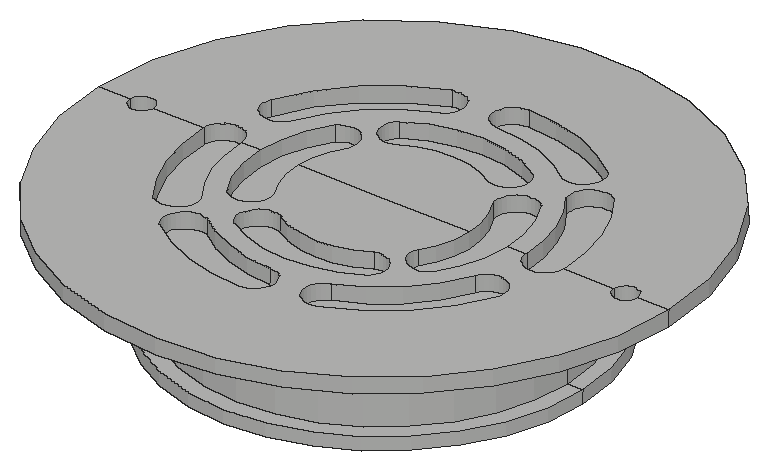
Revit family "WHDG-5RD", category Plumbing Fixtures, Revit 2018
Family settings
  Round Connector Dimension = Use Diameter
  Part Type = Normal
  OmniClass Number = 23.70.50.21.24
  OmniClass Title = Waste Water Drains
  Work Plane-Based = Yes
  Always vertical = No
  Cut with Voids When Loaded = No
  Shared = Yes
  Room Calculation Point = No
Parameters (values of type "WHDG-5RD")
  Waste Connection = no
  Vent Connection = no
  URL = "https://www.whitehallmfg.com/home"
  Type Comments = "For use in JR SMITH Floor Drains"  # constant formula
  Product Page URL = "https://www.whitehallmfg.com/product.aspx?ProductId=1008"
  Product Documentation Link = "https://www.whitehallmfg.com/uploads/fileLibrary/WHDG.pdf"
  Model = "WHDG-5RD"  # constant formula
  Manufacturer = "Whitehall Mfg."  # constant formula
  Installation Type = "Floor"
  HW Connection = no
  Drain Material = Metal-Whitehall-Ligature Resistant Nickel Bronze
  Diameter = 5"
  Description = "Ligature Resistant Floor Drain Grate"  # constant formula
  Default Elevation = 0"
  Creation Date = "21/12/20"  # constant formula
  CW Connection = no
  Assembly Code = "D2030"
Reference planes (in)
  plane 1 "Center (Front/Back)": y = 0
  plane 2: z = 0
  plane 3 "Center (Left/Right)": x = 0
  plane 4: z = 5.90551
  plane 5: x = -2.5
  plane 6: x = 2.5
  plane 7: z = -1
Forms (in)
  Revolve 1, solid, material "Metal-Whitehall-Ligature Resistant Nickel Bronze" <- "Drain Material"
    sketch origin (0, 0, 0) x (1, 0, 0) y (0, 0, 1)
      loop
        line (-2.5, 0) -> (-2.5, -0.13055) -> (-1.8607, -0.13055)
        arc (-1.8607, -0.13055) -> (-1.68393, -0.20377) -> (-1.6107, -0.38055) r 0.25
        line (-1.6107, -0.38055) -> (-1.6107, -0.88918) -> (-1.75, -0.88918) -> (-1.75, -1) -> (0, -1) -> (0, 0) -> (-2.5, 0)
      axis (0, 0) -> (0, -1)
    angle from 0 to 360
  Extrusion 2, void
    sketch origin (0, 0, 0) x (1, 0, 0) y (0, 1, 0)
      loop
        arc (0.41245, 0.62709) -> (0.61397, 0.69398) -> (0.5957, 0.90553) r 0.17135
        arc (0.5957, 0.90553) -> (0.00012, 1.08393) -> (-0.59546, 0.90553) r 1.08333
        arc (-0.59546, 0.90553) -> (-0.61373, 0.69398) -> (-0.41221, 0.62709) r 0.17135
        arc (-0.41221, 0.62709) -> (0.00012, 0.7506) -> (0.41245, 0.62709) r 0.75
      loop
        arc (0.62661, -0.41173) -> (0.6935, -0.61325) -> (0.90505, -0.59498) r 0.17135
        arc (0.90505, -0.59498) -> (1.08345, 0.0006) -> (0.90505, 0.59618) r 1.08333
        arc (0.90505, 0.59618) -> (0.6935, 0.61445) -> (0.62661, 0.41293) r 0.17135
        arc (0.62661, 0.41293) -> (0.75012, 0.0006) -> (0.62661, -0.41173) r 0.75
      loop
        arc (-0.62637, -0.41173) -> (-0.74988, 0.0006) -> (-0.62637, 0.41293) r 0.75
        arc (-0.62637, 0.41293) -> (-0.69326, 0.61445) -> (-0.90481, 0.59618) r 0.17135
        arc (-0.90481, 0.59618) -> (-1.08321, 0.0006) -> (-0.90481, -0.59498) r 1.08333
        arc (-0.90481, -0.59498) -> (-0.69326, -0.61325) -> (-0.62637, -0.41173) r 0.17135
      loop
        arc (0.41245, -0.62589) -> (0.00012, -0.7494) -> (-0.41221, -0.62589) r 0.75
        arc (-0.41221, -0.62589) -> (-0.61373, -0.69278) -> (-0.59546, -0.90433) r 0.17135
        arc (-0.59546, -0.90433) -> (0.00012, -1.08273) -> (0.5957, -0.90433) r 1.08333
        arc (0.5957, -0.90433) -> (0.61397, -0.69278) -> (0.41245, -0.62589) r 0.17135
      loop
        arc (0.78186, 0.97602) -> (0.97908, 1.03992) -> (0.97843, 1.24723) r 0.17587
        arc (0.97843, 1.24723) -> (0.51762, 1.49834) -> (0.00005, 1.58504) r 1.58334
        arc (0.00005, 1.58504) -> (-0.16639, 1.41847) -> (0.00014, 1.25198) r 0.16653
        arc (0.00014, 1.25198) -> (0.41454, 1.1807) -> (0.78186, 0.97602) r 1.25
      loop
        arc (-1.16052, 0.46187) -> (-0.88208, 0.88587) -> (-0.45808, 1.16431) r 1.25
        arc (-0.45808, 1.16431) -> (-0.37041, 1.37825) -> (-0.58035, 1.4751) r 0.16714
        arc (-0.58035, 1.4751) -> (-1.11596, 1.12555) -> (-1.46958, 0.59263) r 1.58333
        arc (-1.46958, 0.59263) -> (-1.3784, 0.37581) -> (-1.16052, 0.46187) r 0.16714
      loop
        arc (0.45832, -1.15697) -> (0.37226, -1.37485) -> (0.58907, -1.46603) r 0.16714
        arc (0.58907, -1.46603) -> (1.122, -1.11241) -> (1.47155, -0.5768) r 1.58333
        arc (1.47155, -0.5768) -> (1.3747, -0.36686) -> (1.16076, -0.45453) r 0.16714
        arc (1.16076, -0.45453) -> (0.88232, -0.87853) -> (0.45832, -1.15697) r 1.25
      loop
        arc (0.9691, 0.78878) -> (1.17378, 0.42146) -> (1.24506, 0.00704) r 1.25
        arc (1.24506, 0.00704) -> (1.41154, -0.15948) -> (1.57812, 0.00695) r 0.16653
        arc (1.57812, 0.00695) -> (1.49142, 0.52454) -> (1.24031, 0.98537) r 1.58333
        arc (1.24031, 0.98537) -> (1.03299, 0.98601) -> (0.9691, 0.78878) r 0.17587
      loop
        arc (-0.97223, -0.77807) -> (-1.17691, -0.41074) -> (-1.24819, 0.00367) r 1.25
        arc (-1.24819, 0.00367) -> (-1.41467, 0.1702) -> (-1.58125, 0.00376) r 0.16653
        arc (-1.58125, 0.00376) -> (-1.49455, -0.51383) -> (-1.24344, -0.97465) r 1.58333
        arc (-1.24344, -0.97465) -> (-1.03612, -0.9753) -> (-0.97223, -0.77807) r 0.17587
      loop
        arc (-0.78499, -0.96531) -> (-0.98222, -1.0292) -> (-0.98157, -1.23652) r 0.17587
        arc (-0.98157, -1.23652) -> (-0.52075, -1.48763) -> (-0.00316, -1.57432) r 1.58333
        arc (-0.00316, -1.57432) -> (0.16328, -1.40775) -> (-0.00325, -1.24127) r 0.16653
        arc (-0.00325, -1.24127) -> (-0.41766, -1.16999) -> (-0.78499, -0.96531) r 1.25
      loop
        circle (-2.12237, 0) r 0.10288
      loop
        circle (2.12237, 0) r 0.10288
    from -0.13055 to 0
Cuts and joins
  Extrusion 2 cuts Revolve 1
Lines and regions (in)
  Masking region 1
    outline origin (0, 0, 0) x (1, 0, 0) y (0, 1, 0)
      loop
        circle (0, 0) r 2.5
  symbolic lines, detail levels medium+fine
    curve 1: circle (0, 0, 0) r 1.75 normal (0, 0, -1)
  symbolic lines, detail levels fine
    curve 2: arc (-0.90481, -0.59498, 0) -> (-0.69326, -0.61325, 0) -> (-0.62637, -0.41173, 0) r 0.17135
    curve 3: arc (-0.62637, -0.41173, 0) -> (-0.74988, 0.0006, 0) -> (-0.62637, 0.41293, 0) r 0.75
    curve 4: arc (-0.62637, 0.41293, 0) -> (-0.69326, 0.61445, 0) -> (-0.90481, 0.59618, 0) r 0.17135
    curve 5: arc (-0.90481, 0.59618, 0) -> (-1.08321, 0.0006, 0) -> (-0.90481, -0.59498, 0) r 1.08333
    curve 6: arc (-0.41221, 0.62709, 0) -> (-0.61373, 0.69398, 0) -> (-0.59546, 0.90553, 0) r 0.17135
    curve 7: arc (-0.59546, 0.90553, 0) -> (0.00012, 1.08393, 0) -> (0.5957, 0.90553, 0) r 1.08333
    curve 8: arc (0.5957, 0.90553, 0) -> (0.61397, 0.69398, 0) -> (0.41245, 0.62709, 0) r 0.17135
    curve 9: arc (0.41245, 0.62709, 0) -> (0.00012, 0.7506, 0) -> (-0.41221, 0.62709, 0) r 0.75
    curve 10: arc (0.90505, 0.59618, 0) -> (0.6935, 0.61445, 0) -> (0.62661, 0.41293, 0) r 0.17135
    curve 11: arc (0.62661, 0.41293, 0) -> (0.75012, 0.0006, 0) -> (0.62661, -0.41173, 0) r 0.75
    curve 12: arc (0.62661, -0.41173, 0) -> (0.6935, -0.61325, 0) -> (0.90505, -0.59498, 0) r 0.17135
    curve 13: arc (0.90505, -0.59498, 0) -> (1.08345, 0.0006, 0) -> (0.90505, 0.59618, 0) r 1.08333
    curve 14: arc (0.5957, -0.90433, 0) -> (0.61397, -0.69278, 0) -> (0.41245, -0.62589, 0) r 0.17135
    curve 15: arc (0.41245, -0.62589, 0) -> (0.00012, -0.7494, 0) -> (-0.41221, -0.62589, 0) r 0.75
    curve 16: arc (-0.41221, -0.62589, 0) -> (-0.61373, -0.69278, 0) -> (-0.59546, -0.90433, 0) r 0.17135
    curve 17: arc (-0.59546, -0.90433, 0) -> (0.00012, -1.08273, 0) -> (0.5957, -0.90433, 0) r 1.08333
    curve 18: arc (0.58892, -1.46557, 0) -> (0.37205, -1.3754, 0) -> (0.45832, -1.15696, 0) r 0.16758
    curve 19: arc (0.45832, -1.15696, 0) -> (0.88233, -0.87851, 0) -> (1.16078, -0.45449, 0) r 1.25
    curve 20: arc (1.16078, -0.45449, 0) -> (1.37444, -0.3669, 0) -> (1.47125, -0.57654, 0) r 0.16696
    curve 21: arc (1.47125, -0.57654, 0) -> (1.12175, -1.11203, 0) -> (0.58892, -1.46557, 0) r 1.58309
    curve 22: arc (1.24506, 0.00704, 0) -> (1.41154, -0.15948, 0) -> (1.57812, 0.00695, 0) r 0.16653
    curve 23: arc (1.57812, 0.00695, 0) -> (1.49142, 0.52454, 0) -> (1.24031, 0.98537, 0) r 1.58333
    curve 24: arc (1.24031, 0.98537, 0) -> (1.03299, 0.98601, 0) -> (0.9691, 0.78878, 0) r 0.17587
    curve 25: arc (0.9691, 0.78878, 0) -> (1.17378, 0.42146, 0) -> (1.24506, 0.00704, 0) r 1.25
    curve 26: arc (0.97843, 1.24723, 0) -> (0.97908, 1.03992, 0) -> (0.78186, 0.97602, 0) r 0.17587
    curve 27: arc (0.78186, 0.97602, 0) -> (0.41454, 1.1807, 0) -> (0.00014, 1.25198, 0) r 1.25
    curve 28: arc (0.00014, 1.25198, 0) -> (-0.16639, 1.41847, 0) -> (0.00005, 1.58504, 0) r 0.16653
    curve 29: arc (0.00005, 1.58504, 0) -> (0.51762, 1.49834, 0) -> (0.97843, 1.24723, 0) r 1.58334
    curve 30: arc (-0.58009, 1.4748, 0) -> (-0.37045, 1.37799, 0) -> (-0.45805, 1.16433, 0) r 0.16696
    curve 31: arc (-0.45805, 1.16433, 0) -> (-0.88206, 0.88588, 0) -> (-1.16051, 0.46188, 0) r 1.25
    curve 32: arc (-1.16051, 0.46188, 0) -> (-1.37895, 0.3756, 0) -> (-1.46912, 0.59247, 0) r 0.16758
    curve 33: arc (-1.46912, 0.59247, 0) -> (-1.11558, 1.1253, 0) -> (-0.58009, 1.4748, 0) r 1.58309
    curve 34: arc (-1.24819, 0.00367, 0) -> (-1.41467, 0.1702, 0) -> (-1.58125, 0.00376, 0) r 0.16653
    curve 35: arc (-1.58125, 0.00376, 0) -> (-1.49455, -0.51383, 0) -> (-1.24344, -0.97465, 0) r 1.58333
    curve 36: arc (-1.24344, -0.97465, 0) -> (-1.03612, -0.9753, 0) -> (-0.97223, -0.77807, 0) r 0.17587
    curve 37: arc (-0.97223, -0.77807, 0) -> (-1.17691, -0.41074, 0) -> (-1.24819, 0.00367, 0) r 1.25
    curve 38: arc (-0.98157, -1.23652, 0) -> (-0.98222, -1.0292, 0) -> (-0.78499, -0.96531, 0) r 0.17587
    curve 39: arc (-0.78499, -0.96531, 0) -> (-0.41766, -1.16999, 0) -> (-0.00325, -1.24127, 0) r 1.25
    curve 40: arc (-0.00325, -1.24127, 0) -> (0.16328, -1.40775, 0) -> (-0.00316, -1.57432, 0) r 0.16653
    curve 41: arc (-0.00316, -1.57432, 0) -> (-0.52075, -1.48763, 0) -> (-0.98157, -1.23652, 0) r 1.58333
Dimensions and locks (in)
  equal spacing: plane 5, plane 3 "Center (Left/Right)", plane 6
  "Diameter": plane 5 to plane 6
  plane 5 to plane 6 = 5"
  aligned and locked: level to Extrusion 2
  aligned and locked: Revolve 1 sketch curve to plane 7
  aligned and locked: plane 5 to Revolve 1 sketch curve
  aligned and locked: plane 2 to Revolve 1 sketch curve
  aligned and locked: Revolve 1 to Extrusion 2
  aligned and locked: Masking region 1 sketch curve to cut or joined group of Revolve 1, Extrusion 2
  aligned and locked: curve 1 to cut or joined group of Revolve 1, Extrusion 2
Automatic sketch dimensions
  Revolve 1 sketch curve to plane 3 "Center (Left/Right)" = 0"  (x2)
  Revolve 1 sketch curve to plane 5 = 0.6393"
  plane 7 to Revolve 1 sketch curve = 0.11082"
  Revolve 1 sketch curve to Revolve 1 sketch curve = 0.1107"
  Revolve 1 sketch curve to Revolve 1 sketch curve = 1/4"
  Revolve 1 sketch curve to level = 0.38055"
  Revolve 1 sketch curve to plane 7 = 0.72091"
  Revolve 1 sketch curve to plane 4 = 4 3/4"
  Extrusion 2 sketch curve to Extrusion 2 sketch curve = 0"  (x58)
  plane 1 "Center (Front/Back)" to Extrusion 2 sketch curve = 0"  (x2)
  Extrusion 2 sketch curve to plane 5 = 0.37763"
  Extrusion 2 sketch curve to plane 1 "Center (Front/Back)" = 0.00367"
  Extrusion 2 sketch curve to Extrusion 2 sketch curve = 0.70765"
  Extrusion 2 sketch curve to Extrusion 2 sketch curve = 0.10146"  (x2)
  Extrusion 2 sketch curve to Extrusion 2 sketch curve = 0.27538"
  Extrusion 2 sketch curve to Extrusion 2 sketch curve = 0.29952"  (x4)
  Extrusion 2 sketch curve to Extrusion 2 sketch curve = 0.35188"
  Extrusion 2 sketch curve to Extrusion 2 sketch curve = 0.5258"  (x2)
  Extrusion 2 sketch curve to plane 3 "Center (Left/Right)" = 0.52595"
  Extrusion 2 sketch curve to Extrusion 2 sketch curve = 0.31686"  (x8)
  Extrusion 2 sketch curve to plane 3 "Center (Left/Right)" = 0.00522"
  Extrusion 2 sketch curve to Extrusion 2 sketch curve = 0.00028"  (x4)
  Extrusion 2 sketch curve to Extrusion 2 sketch curve = 0.0012"  (x2)
  Extrusion 2 sketch curve to plane 3 "Center (Left/Right)" = 0.00325"  (x2)
  Extrusion 2 sketch curve to plane 3 "Center (Left/Right)" = 0.00185"
  Extrusion 2 sketch curve to plane 3 "Center (Left/Right)" = 0.00157"  (x2)
  Extrusion 2 sketch curve to Extrusion 2 sketch curve = 0.00029"
  Extrusion 2 sketch curve to plane 3 "Center (Left/Right)" = 0.00065"
  plane 3 "Center (Left/Right)" to Extrusion 2 sketch curve = 0.00012"
  plane 3 "Center (Left/Right)" to Extrusion 2 sketch curve = 0.00014"
  plane 3 "Center (Left/Right)" to Extrusion 2 sketch curve = 0.00087"
  plane 3 "Center (Left/Right)" to Extrusion 2 sketch curve = 0.00181"
  Extrusion 2 sketch curve to Extrusion 2 sketch curve = 0.00093"
  plane 3 "Center (Left/Right)" to Extrusion 2 sketch curve = 0.47084"  (x2)
  Extrusion 2 sketch curve to Extrusion 2 sketch curve = 0.05535"
  Extrusion 2 sketch curve to Extrusion 2 sketch curve = 0.36585"
  Extrusion 2 sketch curve to plane 1 "Center (Front/Back)" = 0.00704"
  Extrusion 2 sketch curve to Extrusion 2 sketch curve = 0.09808"  (x2)
  Extrusion 2 sketch curve to plane 6 = 0.37763"
  plane 1 "Center (Front/Back)" to Extrusion 2 sketch curve = 0.47012"  (x2)
  plane 1 "Center (Front/Back)" to Extrusion 2 sketch curve = 0.5224"
  Extrusion 2 sketch curve to Extrusion 2 sketch curve = 0.36278"
  Extrusion 2 sketch curve to Extrusion 2 sketch curve = 0.52273"
  Extrusion 2 sketch curve to plane 1 "Center (Front/Back)" = 0.0006"
  Extrusion 2 sketch curve to Extrusion 2 sketch curve = 0.0011"  (x2)
  Extrusion 2 sketch curve to Extrusion 2 sketch curve = 0.00091"  (x2)
  Extrusion 2 sketch curve to Extrusion 2 sketch curve = 0.00246"  (x4)
  Extrusion 2 sketch curve to Extrusion 2 sketch curve = 0.00337"
  Extrusion 2 sketch curve to plane 1 "Center (Front/Back)" = 0.47132"  (x2)
  Extrusion 2 sketch curve to Extrusion 2 sketch curve = 0.05842"
  Extrusion 2 sketch curve to Extrusion 2 sketch curve = 0.37229"
  Extrusion 2 sketch curve to Extrusion 2 sketch curve = 0.52887"
  Extrusion 2 sketch curve to plane 1 "Center (Front/Back)" = 0.00376"
  Extrusion 2 sketch curve to Extrusion 2 sketch curve = 0.15632"
  Extrusion 2 sketch curve to Extrusion 2 sketch curve = 0.00125"
  Extrusion 2 sketch curve to Extrusion 2 sketch curve = 0.1041"  (x2)
  Extrusion 2 sketch curve to Extrusion 2 sketch curve = 0.15274"  (x2)
  Extrusion 2 sketch curve to Extrusion 2 sketch curve = 0.14175"
  Extrusion 2 sketch curve to Extrusion 2 sketch curve = 0.11735"  (x3)
  Extrusion 2 sketch curve to Extrusion 2 sketch curve = 0.05483"
  Extrusion 2 sketch curve to Extrusion 2 sketch curve = 0.16109"  (x5)
  Extrusion 2 sketch curve to Extrusion 2 sketch curve = 0.12486"  (x2)
  Extrusion 2 sketch curve to Extrusion 2 sketch curve = 0.0544"
  Extrusion 2 sketch curve to Extrusion 2 sketch curve = 0.06788"  (x4)
  Extrusion 2 sketch curve to Extrusion 2 sketch curve = 0.05839"  (x6)
  Extrusion 2 sketch curve to plane 3 "Center (Left/Right)" = 0.00316"
  plane 3 "Center (Left/Right)" to Extrusion 2 sketch curve = 0.00005"
  Extrusion 2 sketch curve to Extrusion 2 sketch curve = 0.06238"
  Extrusion 2 sketch curve to Extrusion 2 sketch curve = 0.0005"
  Extrusion 2 sketch curve to Extrusion 2 sketch curve = 0.05482"
  Extrusion 2 sketch curve to Extrusion 2 sketch curve = 0.16711"
  Extrusion 2 sketch curve to Extrusion 2 sketch curve = 0.16653"
  Extrusion 2 sketch curve to Extrusion 2 sketch curve = 0.15804"
  curve 3 to curve 5 = 0"  (x2)
  curve 4 to plane 3 "Center (Left/Right)" = 0.78746"
  plane 1 "Center (Front/Back)" to curve 2 = 0.47012"
  curve 2 to plane 3 "Center (Left/Right)" = 0.78746"
  plane 3 "Center (Left/Right)" to curve 3 = 0.00012"
  curve 5 to plane 1 "Center (Front/Back)" = 0.0006"
  curve 4 to plane 1 "Center (Front/Back)" = 0.47132"
  curve 2 to curve 2 = 0.16109"
  curve 4 to curve 4 = 0.16109"
  curve 5 to curve 4 = 0.11735"
  curve 5 to curve 2 = 0.12486"
  curve 3 to curve 7 = 0"  (x2)
  curve 3 to curve 9 = 0"  (x2)
  curve 3 to curve 6 = 0.15577"
  plane 3 "Center (Left/Right)" to curve 8 = 0.47084"
  curve 3 to curve 6 = 0.37525"
  curve 8 to plane 1 "Center (Front/Back)" = 0.78818"
  curve 6 to curve 6 = 0.12486"
  curve 6 to curve 9 = 0.05839"
  curve 8 to curve 8 = 0.05839"
  curve 9 to curve 6 = 0.16109"
  curve 3 to curve 11 = 0"  (x2)
  curve 3 to curve 13 = 0"  (x2)
  curve 9 to curve 10 = 0.37525"
  plane 1 "Center (Front/Back)" to curve 12 = 0.47012"
  plane 3 "Center (Left/Right)" to curve 12 = 0.7877"
  curve 10 to curve 9 = 0.15577"
  curve 10 to curve 10 = 0.16109"
  curve 12 to curve 12 = 0.16109"
  curve 10 to curve 13 = 0.11735"
  curve 12 to curve 12 = 0.12486"
  curve 3 to curve 15 = 0"  (x2)
  curve 3 to curve 17 = 0"  (x2)
  curve 3 to curve 16 = 0.15577"
  curve 14 to curve 12 = 0.15577"
  curve 16 to curve 3 = 0.37525"
  curve 14 to curve 12 = 0.37525"
  curve 16 to curve 16 = 0.12486"
  curve 16 to curve 16 = 0.05839"
  curve 15 to curve 14 = 0.05839"
  curve 16 to curve 15 = 0.16109"
  curve 21 to plane 3 "Center (Left/Right)" = 0.00189"
  curve 19 to plane 3 "Center (Left/Right)" = 0.00156"
  curve 18 to curve 17 = 0.06932"
  curve 12 to curve 20 = 0.40831"
  curve 18 to curve 17 = 0.40577"
  curve 12 to curve 20 = 0.0727"
  curve 21 to plane 1 "Center (Front/Back)" = 0.00315"
  curve 21 to curve 19 = 0.00222"
  curve 18 to curve 18 = 0.06805"
  curve 18 to curve 18 = 0.06254"
  curve 20 to curve 20 = 0.15258"
  curve 20 to curve 21 = 0.15789"
  curve 23 to curve 19 = 0.00366"
  curve 23 to curve 25 = 0.00028"
  curve 13 to curve 24 = 0.23116"
  curve 22 to plane 1 "Center (Front/Back)" = 0.00704"
  curve 19 to curve 22 = 0.25081"
  curve 25 to curve 19 = 0"
  curve 25 to curve 23 = 0.00246"
  curve 13 to curve 24 = 0.24743"
  curve 24 to curve 24 = 0.16711"
  curve 24 to curve 23 = 0.1041"
  curve 25 to curve 22 = 0.16653"
  curve 21 to curve 27 = 0.00033"
  plane 3 "Center (Left/Right)" to curve 28 = 0.00014"
  plane 3 "Center (Left/Right)" to curve 29 = 0.00087"
  curve 7 to curve 26 = 0.24099"
  curve 3 to curve 29 = 0.0011"
  curve 27 to curve 21 = 0.00116"
  curve 7 to curve 26 = 0.2376"
  curve 7 to curve 28 = 0.51298"
  plane 3 "Center (Left/Right)" to curve 28 = 0.00005"
  curve 29 to curve 28 = 0"
  curve 26 to curve 26 = 0.05482"
  curve 32 to curve 5 = 0.40884"
  curve 7 to curve 30 = 0.06963"
  curve 33 to plane 3 "Center (Left/Right)" = 0.0004"
  curve 29 to curve 31 = 0.00095"
  curve 33 to curve 27 = 0.00033"
  curve 29 to curve 31 = 0.00029"
  curve 32 to curve 5 = 0.06625"
  curve 7 to curve 30 = 0.41138"
  curve 32 to curve 32 = 0.15314"
  curve 32 to curve 32 = 0.15547"
  curve 30 to curve 30 = 0.05426"
  curve 30 to curve 30 = 0.06778"
  curve 34 to plane 1 "Center (Front/Back)" = 0.00367"
  curve 34 to curve 31 = 0.25421"
  curve 36 to curve 2 = 0.23453"
  plane 3 "Center (Left/Right)" to curve 37 = 0.00181"
  curve 31 to curve 35 = 0.00027"
  curve 36 to curve 2 = 0.23792"
  curve 31 to curve 35 = 0.00091"
  curve 35 to curve 37 = 0.00246"
  curve 35 to plane 1 "Center (Front/Back)" = 0.00376"
  curve 34 to curve 35 = 0"
  curve 36 to curve 36 = 0.1041"
  curve 38 to curve 16 = 0.24436"
  curve 23 to curve 41 = 0.0012"  (x2)
  curve 40 to plane 3 "Center (Left/Right)" = 0.00325"  (x2)
  curve 39 to plane 3 "Center (Left/Right)" = 0.00157"
  curve 40 to curve 18 = 0.25084"
  curve 38 to curve 16 = 0.22809"
  curve 19 to curve 39 = 0.00336"
  curve 41 to curve 38 = 0.14175"
  curve 38 to curve 39 = 0.05483"
  curve 40 to plane 3 "Center (Left/Right)" = 0.00316"
  radius of Extrusion 2 sketch curve = 0.10288"  (x2)
